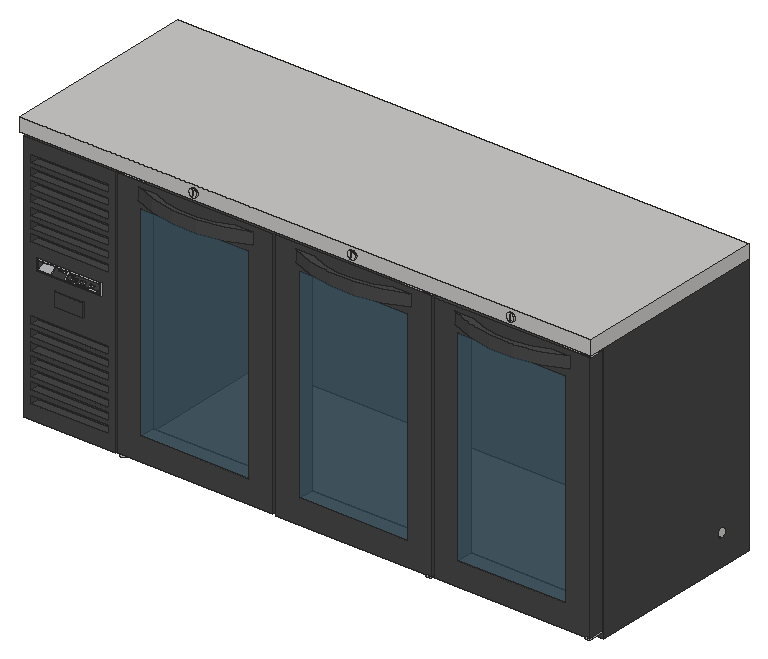
Revit family "QF_TRUE_TBR72-RISZ1-L-B-GGG-1", category Specialty Equipment, Revit 2016
Family settings
  Part Type = Normal
  Round Connector Dimension = Use Diameter
  Work Plane-Based = No
  Always vertical = Yes
  Cut with Voids When Loaded = No
  Shared = No
  Room Calculation Point = No
Parameters (values of type "QF_TRUE_TBR72-RISZ1-L-B-GGG-1")
  Weight in Pounds = 0
  Watts = if(Phase = 3, Volts * FL Amps * 1.73, Volts * FL Amps)  # 207 W
  Waste Water Discharge Temperature = -459.67 °F
  Volts = 115 V
  URL Cutsheet = ""
  Specification by User = ""
  Specification by Manufacturer = ""
  Show Logo [instance] = yes
  Show Standard Unit [instance] = yes
  Show Leg Levelers [instance] = no
  Show Seismic Flange [instance] = no
  Show 6 Inches Legs [instance] = no
  Show Clearance [instance] = yes
  Show 1 Inch Rollers [instance] = no
  Show 5 Inches Castors [instance] = no
  Show 4 Inches Castors [instance] = no
  Show 3 Inches Castors [instance] = no
  Show 2 Inches Castors [instance] = no
  Serial Number = ""
  Seismic Rating = ""
  SMACNA No = ""
  Revision Code = ""
  Plumbing Remarks = ""
  Plumbing Connection Type = ""
  Phase = 1
  Number of Poles = 1
  NAFEM Spec ID Number = ""
  Model = "TBR72-RISZ1-L-B-GGG-1"
  Min Ckt Ampacity = 0 A
  Max Overcurrent Protection = 0 A
  Masterspec = ""
  Manufacturer = "TRUE"
  Length = 72"
  Item Number = ""
  Installed By = ""
  Indirect Waste Size = 1"
  Indirect Waste Flow = 0 GPM
  Indirect Waste Connection Type = ""
  Indirect Waste Connection Height = 0"
  Identify Quantity as Lot = yes
  Height [instance] = if(Show Standard Unit, 34 11/16", if(Show Leg Levelers, 34 15/16", if(Show 1 Inch Rollers, 35 9/16", if(Show 2 Inches Castors, 37 9/16", if(Show 3 Inches Castors, 38 9/16", if(Show 4 Inches Castors, 39 3/4", if(Show 5 Inches Castors, 40 3/4", if(Show 6 Inches Legs, 40 11/16", if(Show Seismic Flange, 40 11/16", 34 11/16")))))))))  # 34 11/16"
  HP = "1/5"
  Furnished By = ""
  Foodservice Equipment Identifier = yes
  FL Amps = 1.8 A
  Electrical Remarks = ""
  Electric Connection Type = ""
  Elec Conn RI Height = 0"
  Elec Conn Connection Height = 0"
  Description = "REACH-IN SINGLE ZONE REFRIGERATOR WITH LEFT SIDE REFRIGERATION SYSTEM. BLACK EXTERIOR AND GLASS SWING DOORS"
  Depth = 26 3/8"
  Cycle = 60 Hz
  Conn Plug = "NEMA 5-15P"
  Conn Conduit = yes
  CSI MasterFormat = ""
  Apparent Power = if(Phase = 3, Volts * FL Amps * 1.73, Volts * FL Amps)  # 207 VA
Reference planes (in)
  plane 1 "BACK": y = 0
  plane 2: z = 0
  plane 3 "LEFT": x = 0
  plane 4 "RIGHT": x = 72
  plane 5 "FRONT": y = -26.375
  plane 6 "TOP": z = 34.6875
  plane 7 "Center Y": x = 36
  plane 8 "Center X": y = -13.1875
  plane 9: y = -24.84375
  plane 10: y = -24.65625
  plane 11: y = -47.59375
  plane 12: z = 0
Dimensions and locks (in)
  equal spacing: plane 3 "LEFT", plane 7 "Center Y", plane 4 "RIGHT"
  "Length": plane 3 "LEFT" to plane 4 "RIGHT"
  equal spacing: plane 5 "FRONT", plane 8 "Center X", plane 1 "BACK"
  "Depth": plane 5 "FRONT" to plane 1 "BACK"
  "Height": plane 6 "TOP" to level
  plane 3 "LEFT" to plane 4 "RIGHT" = 72"
  plane 5 "FRONT" to plane 1 "BACK" = 26 3/8"
  plane 9 to plane 1 "BACK" = 24 27/32"
  plane 10 to plane 1 "BACK" = 24 21/32"
  plane 11 to plane 1 "BACK" = 47 19/32"
  locked: plane 6 "TOP" to plane 12 at 34.6875
  aligned and locked: level to plane 2
  aligned and locked: plane 6 "TOP" to nested 1
Nested families (in)
  nested 1: "TBR72-RISZ1-L-B-GGG-1" at (0, 0, 0), Show Clearance <- "Show Clearance", Show Logo <- "Show Logo", type "TBR72-RISZ1-L-B-GGG-1"
  nested 2: "CASTORS & LEGS" at (4, -4, 0), Show 2 Inches Castors <- "Show 2 Inches Castors", Show 3 Inches Castors <- "Show 3 Inches Castors", Show 4 Inches Castors <- "Show 4 Inches Castors", Show 5 Inches Castors <- "Show 5 Inches Castors", Show Legs <- "Show 6 Inches Legs", Show Legs with Flandge <- "Show Seismic Flange", Show 1 Inch Rollers <- "Show 1 Inch Rollers", Show Leg Levelers <- "Show Leg Levelers", type "CASTORS & LEGS"
    with Type Mark "", Status "", Specification by User "", Show Legs with Flandge no, Show Legs no, Show Leg Levelers no, Show 5 Inches Castors no, Show 4 Inches Castors no, Show 3 Inches Castors no, Show 2 Inches Castors no, Show 1 Inch Rollers no, Revision Code "", Item Number "", Installed By "", Identify Quantity as Lot yes, Furnished By "", Foodservice Equipment Identifier yes
  nested 3: "CASTORS & LEGS" at (68, -4, 0), Show 2 Inches Castors <- "Show 2 Inches Castors", Show 3 Inches Castors <- "Show 3 Inches Castors", Show 4 Inches Castors <- "Show 4 Inches Castors", Show 5 Inches Castors <- "Show 5 Inches Castors", Show Legs <- "Show 6 Inches Legs", Show Legs with Flandge <- "Show Seismic Flange", Show 1 Inch Rollers <- "Show 1 Inch Rollers", Show Leg Levelers <- "Show Leg Levelers", type "CASTORS & LEGS"
    with Type Mark "", Status "", Specification by User "", Show Legs with Flandge no, Show Legs no, Show Leg Levelers no, Show 5 Inches Castors no, Show 4 Inches Castors no, Show 3 Inches Castors no, Show 2 Inches Castors no, Show 1 Inch Rollers no, Revision Code "", Item Number "", Installed By "", Identify Quantity as Lot yes, Furnished By "", Foodservice Equipment Identifier yes
  nested 4: "CASTORS & LEGS" at (4, -18.75, 0), Show 2 Inches Castors <- "Show 2 Inches Castors", Show 3 Inches Castors <- "Show 3 Inches Castors", Show 4 Inches Castors <- "Show 4 Inches Castors", Show 5 Inches Castors <- "Show 5 Inches Castors", Show Legs <- "Show 6 Inches Legs", Show Legs with Flandge <- "Show Seismic Flange", Show 1 Inch Rollers <- "Show 1 Inch Rollers", Show Leg Levelers <- "Show Leg Levelers", type "CASTORS & LEGS"
    with Type Mark "", Status "", Specification by User "", Show Legs with Flandge no, Show Legs no, Show Leg Levelers no, Show 5 Inches Castors no, Show 4 Inches Castors no, Show 3 Inches Castors no, Show 2 Inches Castors no, Show 1 Inch Rollers no, Revision Code "", Item Number "", Installed By "", Identify Quantity as Lot yes, Furnished By "", Foodservice Equipment Identifier yes
  nested 5: "CASTORS & LEGS" at (68, -18.75, 0), Show 2 Inches Castors <- "Show 2 Inches Castors", Show 3 Inches Castors <- "Show 3 Inches Castors", Show 4 Inches Castors <- "Show 4 Inches Castors", Show 5 Inches Castors <- "Show 5 Inches Castors", Show Legs <- "Show 6 Inches Legs", Show Legs with Flandge <- "Show Seismic Flange", Show 1 Inch Rollers <- "Show 1 Inch Rollers", Show Leg Levelers <- "Show Leg Levelers", type "CASTORS & LEGS"
    with Type Mark "", Status "", Specification by User "", Show Legs with Flandge no, Show Legs no, Show Leg Levelers no, Show 5 Inches Castors no, Show 4 Inches Castors no, Show 3 Inches Castors no, Show 2 Inches Castors no, Show 1 Inch Rollers no, Revision Code "", Item Number "", Installed By "", Identify Quantity as Lot yes, Furnished By "", Foodservice Equipment Identifier yes
  nested 6: "CASTORS & LEGS" at (36, -4, 0), Show 2 Inches Castors <- "Show 2 Inches Castors", Show 3 Inches Castors <- "Show 3 Inches Castors", Show 4 Inches Castors <- "Show 4 Inches Castors", Show 5 Inches Castors <- "Show 5 Inches Castors", Show Legs <- "Show 6 Inches Legs", Show Legs with Flandge <- "Show Seismic Flange", Show 1 Inch Rollers <- "Show 1 Inch Rollers", Show Leg Levelers <- "Show Leg Levelers", type "CASTORS & LEGS"
    with Type Mark "", Status "", Specification by User "", Show Legs with Flandge no, Show Legs no, Show Leg Levelers no, Show 5 Inches Castors no, Show 4 Inches Castors no, Show 3 Inches Castors no, Show 2 Inches Castors no, Show 1 Inch Rollers no, Revision Code "", Item Number "", Installed By "", Identify Quantity as Lot yes, Furnished By "", Foodservice Equipment Identifier yes
  nested 7: "CASTORS & LEGS" at (36, -18.75, 0), Show 2 Inches Castors <- "Show 2 Inches Castors", Show 3 Inches Castors <- "Show 3 Inches Castors", Show 4 Inches Castors <- "Show 4 Inches Castors", Show 5 Inches Castors <- "Show 5 Inches Castors", Show Legs <- "Show 6 Inches Legs", Show Legs with Flandge <- "Show Seismic Flange", Show 1 Inch Rollers <- "Show 1 Inch Rollers", Show Leg Levelers <- "Show Leg Levelers", type "CASTORS & LEGS"
    with Type Mark "", Status "", Specification by User "", Show Legs with Flandge no, Show Legs no, Show Leg Levelers no, Show 5 Inches Castors no, Show 4 Inches Castors no, Show 3 Inches Castors no, Show 2 Inches Castors no, Show 1 Inch Rollers no, Revision Code "", Item Number "", Installed By "", Identify Quantity as Lot yes, Furnished By "", Foodservice Equipment Identifier yes
Connectors (in)
  electrical at (6, 0.25, 18), driven by "Volts", driven by "Watts"
    settings: on nested 1, index 1, voltage 115 V, apparent load 207 VA, apparent load phase1 0 VA, apparent load phase2 0 VA, apparent load phase3 0 VA, power factor 1, load classification "Other", number of poles 1, system type 30, power factor state 1, is connector primary yes, connector utility no, sub classification motor no, connector description "ELECTRICAL CONNECTION"
  piping at (16.75, -4.96875, -0.125), diameter 2.25
    settings: on nested 1, index 2, connector inside diameter 24", connector length 0", flow factor 0, pipe flow 0 GPM, pressure drop 0.00 psi, fitting loss kfactor 0, connector angle 0.00°, fixture units 0, engagement length 0", angle of deflection 0.00°, flow configuration 1, flow direction 2, fitting loss method 0, system type 16, joint type 0, gender type 0, connector reference index -1, connector utility 0, adjustable connector no, is connector primary yes, connector description "FLOOR ACCESS"
  piping at (64.75, -4.34375, -0.125), diameter 1, driven by "Indirect Waste Flow", driven by "Indirect Waste Size"
    settings: on nested 1, index 3, connector inside diameter 24", connector length 0", flow factor 0, pipe flow 0 GPM, pressure drop 0.00 psi, fitting loss kfactor 0, connector angle 0.00°, fixture units 0, engagement length 0", angle of deflection 0.00°, flow configuration 1, flow direction 2, fitting loss method 0, system type 16, joint type 0, gender type 0, connector reference index -1, connector utility 0, adjustable connector no, is connector primary no, connector description "DRAIN"
  piping at (72.125, -4.3125, 3.96875), diameter 1
    settings: on nested 1, index 4, connector inside diameter 24", connector length 0", flow factor 0, pipe flow 0 GPM, pressure drop 0.00 psi, fitting loss kfactor 0, connector angle 0.00°, fixture units 0, engagement length 0", angle of deflection 0.00°, flow configuration 1, flow direction 1, fitting loss method 0, system type 22, joint type 0, gender type 0, connector reference index -1, connector utility 0, adjustable connector no, is connector primary no, connector description "CONDENSING UNIT"
Definition of nested family "TBR72-RISZ1-L-B-GGG-1"
  Parameters (values of type "TBR72-RISZ1-L-B-GGG-1")
    Weight in Pounds = 0
    URL Cutsheet = ""
    Specification by User = ""
    Specification by Manufacturer = ""
    Show Logo [instance] = yes
    Show Clearance [instance] = yes
    Serial Number = ""
    Seismic Rating = ""
    SMACNA No = ""
    Revision Code = ""
    NAFEM Spec ID Number = ""
    Model = ""
    Masterspec = ""
    Manufacturer = ""
    Length = 72"
    Item Number = ""
    Installed By = ""
    Identify Quantity as Lot = yes
    Height = 34 11/16"
    Furnished By = ""
    Foodservice Equipment Identifier = yes
    Description = ""
    Depth = 26 3/8"
    CSI MasterFormat = ""
  Reference planes (in)
    plane 1 "BACK": y = 0
    plane 2: z = 0
    plane 3 "LEFT": x = 0
    plane 4 "RIGHT": x = 72
    plane 5 "FRONT": y = -26.375
    plane 6 "TOP": z = 34.6875
    plane 7 "Center Y": x = 36
    plane 8 "Center X": y = -13.1875
    plane 9: y = -24.84375
    plane 10: y = -24.65625
    plane 11: x = 71.75
    plane 12: y = -43.59375
  Forms (in)
    Extrusion 1, solid
      sketch origin (0, 0, 0) x (-1, 0, 0) y (0, 0, 1)
        loop
          line (-12.09375, 32.46875) -> (-71.75, 32.46875) -> (-71.75, 0.78125) -> (-12.09375, 0.78125) -> (-12.09375, 32.46875)
      from 0 to -2
    Extrusion 2, solid
      sketch origin (0, -22.75, 0) x (1, 0, 0) y (0, 0, 1)
        loop
          line (0.25, 0.78125) -> (11.84375, 0.78125) -> (11.84375, 32.46875) -> (0.25, 32.46875) -> (0.25, 0.78125)
        loop
          line (1.125, 30.81709) -> (1.125, 29.81709) -> (10.96875, 29.81709) -> (10.96875, 30.81709) -> (1.125, 30.81709)
        loop
          line (1.125, 29.31709) -> (1.125, 28.31709) -> (10.96875, 28.31709) -> (10.96875, 29.31709) -> (1.125, 29.31709)
        loop
          line (1.125, 27.81709) -> (1.125, 26.81709) -> (10.96875, 26.81709) -> (10.96875, 27.81709) -> (1.125, 27.81709)
        loop
          line (1.125, 26.31709) -> (1.125, 25.31709) -> (10.96875, 25.31709) -> (10.96875, 26.31709) -> (1.125, 26.31709)
        loop
          line (1.125, 24.81709) -> (1.125, 23.81709) -> (10.96875, 23.81709) -> (10.96875, 24.81709) -> (1.125, 24.81709)
        loop
          line (1.125, 21.81709) -> (1.125, 20.81709) -> (10.96875, 20.81709) -> (10.96875, 21.81709) -> (1.125, 21.81709)
        loop
          line (1.125, 23.31709) -> (1.125, 22.31709) -> (10.96875, 22.31709) -> (10.96875, 23.31709) -> (1.125, 23.31709)
        loop
          line (1.125, 12.56709) -> (1.125, 11.56709) -> (10.96875, 11.56709) -> (10.96875, 12.56709) -> (1.125, 12.56709)
        loop
          line (1.125, 11.06709) -> (1.125, 10.06709) -> (10.96875, 10.06709) -> (10.96875, 11.06709) -> (1.125, 11.06709)
        loop
          line (1.125, 9.56709) -> (1.125, 8.56709) -> (10.96875, 8.56709) -> (10.96875, 9.56709) -> (1.125, 9.56709)
        loop
          line (1.125, 8.06709) -> (1.125, 7.06709) -> (10.96875, 7.06709) -> (10.96875, 8.06709) -> (1.125, 8.06709)
        loop
          line (1.125, 6.56709) -> (1.125, 5.56709) -> (10.96875, 5.56709) -> (10.96875, 6.56709) -> (1.125, 6.56709)
        loop
          line (1.125, 3.56709) -> (1.125, 2.56709) -> (10.96875, 2.56709) -> (10.96875, 3.56709) -> (1.125, 3.56709)
        loop
          line (1.125, 5.06709) -> (1.125, 4.06709) -> (10.96875, 4.06709) -> (10.96875, 5.06709) -> (1.125, 5.06709)
      from 0.125 to 1.90625
    Extrusion 3, solid
      sketch origin (0, -22.75, 0) x (1, 0, 0) y (0, 0, 1)
        loop
          line (12.09375, 0.78125) -> (31.71875, 0.78125) -> (31.71875, 32.46875) -> (12.09375, 32.46875) -> (12.09375, 0.78125)
        loop
          line (51.73438, 0.78125) -> (51.73438, 32.46875) -> (32.10938, 32.46875) -> (32.10938, 0.78125) -> (51.73438, 0.78125)
        loop
          line (28.71875, 29.46875) -> (15.09375, 29.46875) -> (15.09375, 3.78125) -> (28.71875, 3.78125) -> (28.71875, 29.46875)
        loop
          line (48.73438, 29.46875) -> (35.10938, 29.46875) -> (35.10938, 3.78125) -> (48.73438, 3.78125) -> (48.73438, 29.46875)
        loop
          line (71.75, 0.78125) -> (71.75, 32.46875) -> (52.125, 32.46875) -> (52.125, 0.78125) -> (71.75, 0.78125)
        loop
          line (68.75, 29.46875) -> (55.125, 29.46875) -> (55.125, 3.78125) -> (68.75, 3.78125) -> (68.75, 29.46875)
      from 0 to 1.90625
    Extrusion 4, solid
      sketch origin (0, -22.75, 0) x (1, 0, 0) y (0, 0, 1)
        loop
          line (35.10938, 29.46875) -> (35.10938, 3.78125) -> (48.73438, 3.78125) -> (48.73438, 29.46875) -> (35.10938, 29.46875)
        loop
          line (15.09375, 29.46875) -> (15.09375, 3.78125) -> (28.71875, 3.78125) -> (28.71875, 29.46875) -> (15.09375, 29.46875)
        loop
          line (55.125, 29.46875) -> (55.125, 3.78125) -> (68.75, 3.78125) -> (68.75, 29.46875) -> (55.125, 29.46875)
      from 0 to 1.90625
    Extrusion 5, solid
      sketch origin (32.8125, -22.75, 32.46875) x (-1, 0, 0) y (0, -1, 0)
        loop
          arc (18.16831, 1.90625) -> (10.90625, 3.65113) -> (3.64419, 1.90625) r 15.9845
          line (3.64419, 1.90625) -> (5.9146, 1.90625)
          arc (5.9146, 1.90625) -> (10.90625, 3.15287) -> (15.8979, 1.90625) r 10.61701
          line (15.8979, 1.90625) -> (18.16831, 1.90625)
        loop
          arc (-1.84732, 1.90625) -> (-9.10938, 3.65113) -> (-16.37143, 1.90625) r 15.9845
          line (-16.37143, 1.90625) -> (-14.10103, 1.90625)
          arc (-14.10103, 1.90625) -> (-9.10938, 3.15287) -> (-4.11772, 1.90625) r 10.61701
          line (-4.11772, 1.90625) -> (-1.84732, 1.90625)
        loop
          arc (-21.86294, 1.90625) -> (-29.125, 3.65113) -> (-36.38706, 1.90625) r 15.9845
          line (-36.38706, 1.90625) -> (-34.11665, 1.90625)
          arc (-34.11665, 1.90625) -> (-29.125, 3.15287) -> (-24.13335, 1.90625) r 10.61701
          line (-24.13335, 1.90625) -> (-21.86294, 1.90625)
      from -2.11784 to -0.60631
    Extrusion 6, solid
      sketch origin (0.04324, -24.65625, 0) x (1, 0, 0) y (0, 0, 1)
        loop
          line (4.20676, 16.37472) -> (4.20676, 14.62472) -> (7.80051, 14.62472) -> (7.80051, 16.37472) -> (4.20676, 16.37472)
      from 0 to 0.125
    Extrusion 7, solid
      sketch origin (0, -24.84375, 34.4375) x (0, 0, 1) y (-1, 0, 0)
        loop
          circle (-0.65572, -21.90625) r 0.5
        loop
          line (-0.32569, -21.84362) -> (-0.96744, -21.84362) -> (-0.96744, -21.98332) -> (-0.32569, -21.98332) -> (-0.32569, -21.84362)
        loop
          circle (-0.65572, -41.92188) r 0.5
        loop
          line (-0.32569, -41.85924) -> (-0.96744, -41.85924) -> (-0.96744, -41.99895) -> (-0.32569, -41.99895) -> (-0.32569, -41.85924)
        loop
          circle (-0.65572, -61.9375) r 0.5
        loop
          line (-0.32569, -61.87487) -> (-0.96744, -61.87487) -> (-0.96744, -62.01457) -> (-0.32569, -62.01457) -> (-0.32569, -61.87487)
      from 0 to 0.125
    Extrusion 8, solid
      sketch origin (0, -22.75, 0) x (1, 0, 0) y (0, 0, 1)
        loop
          line (1.28286, 30.81709) -> (1.28286, 29.81709) -> (11.12661, 29.81709) -> (11.12661, 30.81709) -> (1.28286, 30.81709)
        loop
          line (1.28286, 29.31709) -> (1.28286, 28.31709) -> (11.12661, 28.31709) -> (11.12661, 29.31709) -> (1.28286, 29.31709)
        loop
          line (1.28286, 27.81709) -> (1.28286, 26.81709) -> (11.12661, 26.81709) -> (11.12661, 27.81709) -> (1.28286, 27.81709)
        loop
          line (1.28286, 26.31709) -> (1.28286, 25.31709) -> (11.12661, 25.31709) -> (11.12661, 26.31709) -> (1.28286, 26.31709)
        loop
          line (1.28286, 24.81709) -> (1.28286, 23.81709) -> (11.12661, 23.81709) -> (11.12661, 24.81709) -> (1.28286, 24.81709)
        loop
          line (1.28286, 21.81709) -> (1.28286, 20.81709) -> (11.12661, 20.81709) -> (11.12661, 21.81709) -> (1.28286, 21.81709)
        loop
          line (1.28286, 23.31709) -> (1.28286, 22.31709) -> (11.12661, 22.31709) -> (11.12661, 23.31709) -> (1.28286, 23.31709)
        loop
          line (1.28286, 12.56709) -> (1.28286, 11.56709) -> (11.12661, 11.56709) -> (11.12661, 12.56709) -> (1.28286, 12.56709)
        loop
          line (1.28286, 11.06709) -> (1.28286, 10.06709) -> (11.12661, 10.06709) -> (11.12661, 11.06709) -> (1.28286, 11.06709)
        loop
          line (1.28286, 9.56709) -> (1.28286, 8.56709) -> (11.12661, 8.56709) -> (11.12661, 9.56709) -> (1.28286, 9.56709)
        loop
          line (1.28286, 8.06709) -> (1.28286, 7.06709) -> (11.12661, 7.06709) -> (11.12661, 8.06709) -> (1.28286, 8.06709)
        loop
          line (1.28286, 6.56709) -> (1.28286, 5.56709) -> (11.12661, 5.56709) -> (11.12661, 6.56709) -> (1.28286, 6.56709)
        loop
          line (1.28286, 3.56709) -> (1.28286, 2.56709) -> (11.12661, 2.56709) -> (11.12661, 3.56709) -> (1.28286, 3.56709)
        loop
          line (1.28286, 5.06709) -> (1.28286, 4.06709) -> (11.12661, 4.06709) -> (11.12661, 5.06709) -> (1.28286, 5.06709)
      from 0.125 to 0.7394
    Extrusion 9, solid
      sketch origin (45.22341, -22.77627, 32.7789) x (1, 0, 0) y (0, 1, 0)
        loop
          line (26.54069, -1.96875) -> (26.50632, 0) -> (25.58853, 0) -> (25.55416, -1.96875) -> (26.54069, -1.96875)
        loop
          circle (26.09249, -1.43752) r 0.25
      from 0 to 0.1586
    Extrusion 10, solid
      sketch origin (71.97626, -22.16889, 0.78125) x (0, 1, 0) y (1, 0, 0)
        loop
          line (-0.60739, -1.14466) -> (-0.60739, -0.22626) -> (-2.06523, -0.25589)
          arc (-2.06523, -0.25589) -> (-2.48736, -0.68546) -> (-2.06523, -1.11503) r 0.42963
          line (-2.06523, -1.11503) -> (-0.60739, -1.14466)
        loop
          circle (-2.05773, -0.68546) r 0.25
      from 0 to 0.22057
    Extrusion 11, solid
      sketch origin (71.97626, -22.16889, 0.78125) x (0, 1, 0) y (1, 0, 0)
        loop
          circle (-2.05773, -0.68546) r 0.25
      from 0 to 0.29961
    Extrusion 12, solid
      sketch origin (45.22341, -22.16889, 32.46875) x (1, 0, 0) y (0, 1, 0)
        loop
          line (26.52659, -1.27764) -> (23.06149, -1.27764) -> (23.06149, -2.32875) -> (26.52659, -2.32875) -> (26.52659, -1.27764)
        loop
          circle (26.09113, -1.82353) r 0.25
        loop
          circle (24.44087, -1.81192) r 0.25
        loop
          circle (23.44087, -1.81192) r 0.25
      from 0 to 0.22057
    Extrusion 13, solid
      sketch origin (45.22341, -22.16889, 32.46875) x (1, 0, 0) y (0, 1, 0)
        loop
          circle (24.44087, -1.81192) r 0.25
        loop
          circle (23.44087, -1.81192) r 0.25
      from 0 to 0.31015
    Extrusion 14, solid
      sketch origin (71.97626, -22.16889, 0.78125) x (0, 1, 0) y (1, 0, 0)
        loop
          line (-0.60739, -1.14466) -> (-0.60739, -0.22626) -> (-2.06523, -0.25589)
          arc (-2.06523, -0.25589) -> (-2.48736, -0.68546) -> (-2.06523, -1.11503) r 0.42963
          line (-2.06523, -1.11503) -> (-0.60739, -1.14466)
        loop
          circle (-2.05773, -0.68546) r 0.25
      from 0 to 0.22057
    Extrusion 15, solid
      sketch origin (71.97626, -22.16889, 0.78125) x (0, 1, 0) y (1, 0, 0)
        loop
          circle (-2.05773, -0.68546) r 0.25
      from 0 to 0.29961
    Extrusion 16, solid
      sketch origin (45.22341, -22.16889, 32.9664) x (1, 0, 0) y (0, 1, 0)
        loop
          circle (26.09249, -1.82353) r 0.25
      from -0.0289 to -0.27708
    Extrusion 17, solid
      sketch origin (38.62034, -22.77627, 32.7789) x (-1, 0, 0) y (0, -1, 0)
        loop
          line (26.54069, 1.96875) -> (25.55416, 1.96875) -> (25.58853, 0) -> (26.50632, 0) -> (26.54069, 1.96875)
        loop
          circle (26.09249, 1.43752) r 0.25
      from 0 to 0.1586
    Extrusion 18, solid
      sketch origin (11.86749, -22.16889, 0.78125) x (0, -1, 0) y (-1, 0, 0)
        loop
          line (0.60739, -1.14466) -> (2.06523, -1.11503)
          arc (2.06523, -1.11503) -> (2.48736, -0.68546) -> (2.06523, -0.25589) r 0.42963
          line (2.06523, -0.25589) -> (0.60739, -0.22626) -> (0.60739, -1.14466)
        loop
          circle (2.05773, -0.68546) r 0.25
      from 0 to 0.22057
    Extrusion 19, solid
      sketch origin (11.86749, -22.16889, 0.78125) x (0, -1, 0) y (-1, 0, 0)
        loop
          circle (2.05773, -0.68546) r 0.25
      from 0 to 0.29961
    Extrusion 20, solid
      sketch origin (38.62034, -22.16889, 32.46875) x (-1, 0, 0) y (0, -1, 0)
        loop
          line (26.52659, 1.27764) -> (26.52659, 2.32875) -> (23.06149, 2.32875) -> (23.06149, 1.27764) -> (26.52659, 1.27764)
        loop
          circle (26.09113, 1.82353) r 0.25
        loop
          circle (24.44087, 1.81192) r 0.25
        loop
          circle (23.44087, 1.81192) r 0.25
      from 0 to 0.22057
    Extrusion 21, solid
      sketch origin (38.62034, -22.16889, 32.46875) x (-1, 0, 0) y (0, -1, 0)
        loop
          circle (24.44087, 1.81192) r 0.25
        loop
          circle (23.44087, 1.81192) r 0.25
      from 0 to 0.31015
    Extrusion 22, solid
      sketch origin (11.86749, -22.16889, 0.78125) x (0, -1, 0) y (-1, 0, 0)
        loop
          line (0.60739, -1.14466) -> (2.06523, -1.11503)
          arc (2.06523, -1.11503) -> (2.48736, -0.68546) -> (2.06523, -0.25589) r 0.42963
          line (2.06523, -0.25589) -> (0.60739, -0.22626) -> (0.60739, -1.14466)
        loop
          circle (2.05773, -0.68546) r 0.25
      from 0 to 0.22057
    Extrusion 23, solid
      sketch origin (11.86749, -22.16889, 0.78125) x (0, -1, 0) y (-1, 0, 0)
        loop
          circle (2.05773, -0.68546) r 0.25
      from 0 to 0.29961
    Extrusion 24, solid
      sketch origin (38.62034, -22.16889, 32.9664) x (-1, 0, 0) y (0, -1, 0)
        loop
          circle (26.09249, 1.82353) r 0.25
      from -0.0289 to -0.27708
    Extrusion 25, solid, visible <- "Show Clearance", detail levels coarse
      sketch origin (12, 0, 32.46875) x (0, -1, 0) y (-1, 0, 0)
        loop
          line (24.65625, -0.09375) -> (24.65625, -19.71875)
          arc (24.65625, -19.71875) -> (38.07768, -13.72046) -> (43.59375, -0.09375) r 19.67217
          line (43.59375, -0.09375) -> (24.65625, -0.09375)
        loop
          line (24.65625, -39.73438) -> (43.59375, -39.73437)
          arc (43.59375, -39.73437) -> (38.07768, -26.10767) -> (24.65625, -20.10938) r 19.67217
          line (24.65625, -20.10938) -> (24.65625, -39.73438)
        loop
          line (24.65625, -59.75) -> (43.59375, -59.75)
          arc (43.59375, -59.75) -> (38.07768, -46.12329) -> (24.65625, -40.125) r 19.67217
          line (24.65625, -40.125) -> (24.65625, -59.75)
      from 0 to 31.6875
    Extrusion 26, solid
      sketch origin (0, 0, 0) x (-1, 0, 0) y (0, 0, 1)
        loop
          line (0, 0) -> (0, 19.4375) -> (-10.96875, 19.4375) -> (-10.96875, 0) -> (0, 0)
      from 0 to 0.125
    Extrusion 27, solid
      sketch origin (0, 0, 0) x (-1, 0, 0) y (0, 0, 1)
        loop
          circle (-6, 18) r 0.5
        loop
          circle (-6, 21.75) r 0.5
      from 0 to 0.25
    Extrusion 28, solid
      sketch origin (48, 0, 0) x (0, 1, 0) y (1, 0, 0)
        loop
          circle (-4.96875, -31.25) r 1.125
        loop
          circle (-4.34375, 16.75) r 0.5
      from 0 to 0.125
    Extrusion 29, solid
      sketch origin (72, 0, 32.9375) x (0, 0, -1) y (0, 1, 0)
        loop
          circle (28.96875, -4.3125) r 0.5
      from 0 to 0.125
    Extrusion 30, solid
      sketch origin (0, 0, 0) x (0, 1, 0) y (0, 0, 1)
        loop
          line (-24.84375, 34.6875) -> (-24.84375, 32.9375) -> (0, 32.9375) -> (0, 34.6875) -> (-24.84375, 34.6875)
      from 0 to 72
    Extrusion 31, solid
      sketch origin (0, 0, 0) x (1, 0, 0) y (0, 0, 1)
        loop
          line (0, 32.9375) -> (0, 0) -> (72, 0) -> (72, 32.9375) -> (0, 32.9375)
        loop
          line (12.09375, 32.46875) -> (12.09375, 0.78125) -> (71.75, 0.78125) -> (71.75, 32.46875) -> (12.09375, 32.46875)
      from 0 to 22.75
    Extrusion 32, solid
      sketch origin (25.20778, -22.77627, 32.7789) x (1, 0, 0) y (0, 1, 0)
        loop
          line (26.54069, -1.96875) -> (26.50632, 0) -> (25.58853, 0) -> (25.55416, -1.96875) -> (26.54069, -1.96875)
        loop
          circle (26.09249, -1.43752) r 0.25
      from 0 to 0.1586
    Extrusion 33, solid
      sketch origin (51.96064, -22.16889, 0.78125) x (0, 1, 0) y (1, 0, 0)
        loop
          line (-0.60739, -1.14466) -> (-0.60739, -0.22626) -> (-2.06523, -0.25589)
          arc (-2.06523, -0.25589) -> (-2.48736, -0.68546) -> (-2.06523, -1.11503) r 0.42963
          line (-2.06523, -1.11503) -> (-0.60739, -1.14466)
        loop
          circle (-2.05773, -0.68546) r 0.25
      from 0 to 0.22057
    Extrusion 34, solid
      sketch origin (51.96064, -22.16889, 0.78125) x (0, 1, 0) y (1, 0, 0)
        loop
          circle (-2.05773, -0.68546) r 0.25
      from 0 to 0.29961
    Extrusion 35, solid
      sketch origin (25.20778, -22.16889, 32.46875) x (1, 0, 0) y (0, 1, 0)
        loop
          line (26.52659, -1.27764) -> (23.06149, -1.27764) -> (23.06149, -2.32875) -> (26.52659, -2.32875) -> (26.52659, -1.27764)
        loop
          circle (26.09113, -1.82353) r 0.25
        loop
          circle (24.44087, -1.81192) r 0.25
        loop
          circle (23.44087, -1.81192) r 0.25
      from 0 to 0.22057
    Extrusion 36, solid
      sketch origin (25.20778, -22.16889, 32.46875) x (1, 0, 0) y (0, 1, 0)
        loop
          circle (24.44087, -1.81192) r 0.25
        loop
          circle (23.44087, -1.81192) r 0.25
      from 0 to 0.31015
    Extrusion 37, solid
      sketch origin (51.96064, -22.16889, 0.78125) x (0, 1, 0) y (1, 0, 0)
        loop
          line (-0.60739, -1.14466) -> (-0.60739, -0.22626) -> (-2.06523, -0.25589)
          arc (-2.06523, -0.25589) -> (-2.48736, -0.68546) -> (-2.06523, -1.11503) r 0.42963
          line (-2.06523, -1.11503) -> (-0.60739, -1.14466)
        loop
          circle (-2.05773, -0.68546) r 0.25
      from 0 to 0.22057
    Extrusion 38, solid
      sketch origin (51.96064, -22.16889, 0.78125) x (0, 1, 0) y (1, 0, 0)
        loop
          circle (-2.05773, -0.68546) r 0.25
      from 0 to 0.29961
    Extrusion 39, solid
      sketch origin (25.20778, -22.16889, 32.9664) x (1, 0, 0) y (0, 1, 0)
        loop
          circle (26.09249, -1.82353) r 0.25
      from -0.0289 to -0.27708
  Cuts and joins
    joined: Extrusion 1, Extrusion 31
  Lines and regions (in)
    symbolic lines
      curve 1: line (72, 0, 0) -> (0, 0, 0)
      curve 2: line (72, -24.84375, 0) -> (72, 0, 0)
      curve 3: line (0, -24.84375, 0) -> (72, -24.84375, 0)
      curve 4: line (0, 0, 0) -> (0, -24.84375, 0)
      curve 5: arc (15.02421, -24.84375, 0) -> (21.90625, -26.40113, 0) -> (28.78829, -24.84375, 0) r 15.9845
      curve 6: arc (26.52876, -24.84375, 0) -> (21.90625, -25.90287, 0) -> (17.28374, -24.84375, 0) r 10.61701
      curve 7: arc (35.03984, -24.84375, 0) -> (41.92188, -26.40113, 0) -> (48.80391, -24.84375, 0) r 15.9845
      curve 8: arc (46.54438, -24.84375, 0) -> (41.92188, -25.90287, 0) -> (37.29937, -24.84375, 0) r 10.61701
      curve 9: arc (55.05546, -24.84375, 0) -> (61.9375, -26.40113, 0) -> (68.81954, -24.84375, 0) r 15.9845
      curve 10: arc (66.56001, -24.84375, 0) -> (61.9375, -25.90287, 0) -> (57.31499, -24.84375, 0) r 10.61701
      curve 11: line (12.07793, -24.84375, 0) -> (28.68827, -34.43374, 0)
      curve 12: arc (31.71085, -24.84375, 0) -> (30.82262, -29.83512, 0) -> (28.68827, -34.43374, 0) r 19.67217
      curve 13: line (51.7502, -24.84375, 0) -> (35.13985, -34.43374, 0)
      curve 14: arc (32.11728, -24.84375, 0) -> (33.0055, -29.83512, 0) -> (35.13985, -34.43374, 0) r 19.67217
      curve 15: line (71.76582, -24.84375, 0) -> (55.15548, -34.43374, 0)
      curve 16: arc (52.1329, -24.84375, 0) -> (53.02113, -29.83512, 0) -> (55.15548, -34.43374, 0) r 19.67217
  Dimensions and locks (in)
    equal spacing: plane 3 "LEFT", plane 7 "Center Y", plane 4 "RIGHT"
    "Length": plane 3 "LEFT" to plane 4 "RIGHT"
    equal spacing: plane 5 "FRONT", plane 8 "Center X", plane 1 "BACK"
    "Depth": plane 5 "FRONT" to plane 1 "BACK"
    "Height": plane 6 "TOP" to level
    plane 3 "LEFT" to plane 4 "RIGHT" = 72"
    plane 5 "FRONT" to plane 1 "BACK" = 26 3/8"
    plane 9 to plane 1 "BACK" = 24 27/32"
    plane 10 to plane 1 "BACK" = 24 21/32"
    plane 11 to plane 4 "RIGHT" = 1/4"
    Extrusion 4 to Extrusion 4 = 25 11/16"
    plane 1 "BACK" to plane 12 = 43 19/32"
    plane 3 "LEFT" to Extrusion 28 sketch curve = 16 3/4"
    Extrusion 28 sketch curve to plane 1 "BACK" = 4 31/32"
    Extrusion 28 sketch curve to plane 1 "BACK" = 4 11/32"
    Extrusion 28 sketch curve to plane 4 "RIGHT" = 7 3/4"
    aligned and locked: level to plane 2
  Automatic sketch dimensions
    plane 1 "BACK" to curve 1 = 0"
    curve 1 to plane 3 "LEFT" = 0"
    curve 11 to plane 9 = 0"
    curve 2 to plane 4 "RIGHT" = 0"
    curve 12 to plane 10 = 0.73465"
    plane 3 "LEFT" to curve 12 = 12.0603"
    curve 6 to plane 8 "Center X" = 2.09836"
    curve 12 to curve 6 = 9.84595"
    curve 5 to curve 6 = 0"
    curve 11 to plane 7 "Center Y" = 7.31173"
    curve 13 to plane 7 "Center Y" = 0.86015"
    curve 8 to plane 8 "Center X" = 2.09836"
    plane 7 "Center Y" to curve 8 = 5 59/64"
    curve 7 to curve 8 = 0"
    curve 14 to plane 10 = 0.73465"
    curve 8 to curve 14 = 9.84595"
    plane 5 "FRONT" to curve 15 = 8.05874"
    curve 14 to curve 15 = 3.38765"
    plane 8 "Center X" to curve 9 = 2.77087"
    curve 9 to plane 11 = 9 13/16"
    curve 10 to plane 8 "Center X" = 2.09836"
    curve 10 to curve 9 = 0"
    plane 11 to curve 16 = 0.03345"
    plane 5 "FRONT" to curve 11 = 8.05874"
    curve 12 to curve 13 = 0"
    curve 16 to plane 10 = 0.73465"
    plane 8 "Center X" to curve 5 = 2.77087"
    plane 8 "Center X" to curve 7 = 2.77087"
    curve 12 to curve 11 = 0.01763"
    curve 11 to curve 5 = 2.94628"
    curve 5 to curve 6 = 2.25953"
    curve 7 to plane 7 "Center Y" = 0.96016"
    plane 7 "Center Y" to curve 8 = 1.29937"
    curve 13 to curve 16 = 0.38271"
    curve 16 to curve 9 = 2.92256"
    curve 9 to curve 10 = 2.25953"
    plane 11 to curve 15 = 0.01582"
    plane 11 to Extrusion 1 sketch curve = 0"
    level to Extrusion 1 sketch curve = 25/32"
    plane 3 "LEFT" to Extrusion 1 sketch curve = 12 3/32"
    Extrusion 1 sketch curve to plane 6 "TOP" = 2 7/32"
    plane 3 "LEFT" to Extrusion 2 sketch curve = 1/4"
    plane 3 "LEFT" to Extrusion 2 sketch curve = 1 1/8"  (x4)
    Extrusion 2 sketch curve to Extrusion 2 sketch curve = 0"  (x23)
    Extrusion 2 sketch curve to Extrusion 2 sketch curve = 9 27/32"
    Extrusion 2 sketch curve to Extrusion 2 sketch curve = 7/8"
    level to Extrusion 2 sketch curve = 25/32"
    Extrusion 2 sketch curve to Extrusion 2 sketch curve = 1.78584"
    Extrusion 2 sketch curve to Extrusion 2 sketch curve = 1"  (x14)
    Extrusion 2 sketch curve to Extrusion 2 sketch curve = 1/2"  (x12)
    Extrusion 2 sketch curve to Extrusion 2 sketch curve = 8 1/4"
    Extrusion 2 sketch curve to Extrusion 2 sketch curve = 1.65166"
    Extrusion 3 sketch curve to plane 11 = 0"
    Extrusion 3 sketch curve to plane 11 = 3"
    Extrusion 3 sketch curve to plane 6 "TOP" = 5 7/32"  (x3)
    Extrusion 3 sketch curve to Extrusion 3 sketch curve = 13 5/8"  (x2)
    Extrusion 3 sketch curve to Extrusion 3 sketch curve = 3"  (x4)
    Extrusion 3 sketch curve to Extrusion 3 sketch curve = 25/64"  (x2)
    Extrusion 3 sketch curve to plane 7 "Center Y" = 57/64"
    Extrusion 3 sketch curve to plane 7 "Center Y" = 3 57/64"
    level to Extrusion 3 sketch curve = 3 25/32"  (x3)
    level to Extrusion 3 sketch curve = 25/32"  (x2)
    Extrusion 3 sketch curve to Extrusion 3 sketch curve = 0"  (x2)
    Extrusion 3 sketch curve to plane 6 "TOP" = 2 7/32"  (x2)
    level to Extrusion 4 sketch curve = 3 25/32"  (x3)
    plane 3 "LEFT" to Extrusion 4 sketch curve = 15 3/32"
    Extrusion 4 sketch curve to plane 7 "Center Y" = 7 9/32"
    Extrusion 4 sketch curve to plane 7 "Center Y" = 57/64"
    Extrusion 4 sketch curve to plane 6 "TOP" = 5 7/32"  (x3)
    plane 7 "Center Y" to Extrusion 4 sketch curve = 12 47/64"
    Extrusion 4 sketch curve to Extrusion 4 sketch curve = 6 25/64"
    Extrusion 4 sketch curve to plane 11 = 3"
    Extrusion 3 to Extrusion 5 sketch curve = 0"  (x4)
    Extrusion 5 sketch curve to Extrusion 3 = 0"  (x2)
    Extrusion 5 sketch curve to Extrusion 3 = 37.48081"
    Extrusion 5 sketch curve to Extrusion 5 sketch curve = 2.2704"  (x3)
    Extrusion 5 sketch curve to Extrusion 5 sketch curve = 4.99165"
    Extrusion 5 sketch curve to Extrusion 5 sketch curve = 0"  (x3)
    Extrusion 5 sketch curve to Extrusion 5 sketch curve = 5.49151"
    Extrusion 5 sketch curve to Extrusion 3 = 10 13/64"
    Extrusion 3 to Extrusion 5 sketch curve = 2.55044"
    Extrusion 3 to Extrusion 5 sketch curve = 9 13/16"
    Extrusion 5 sketch curve to Extrusion 3 = 7.46414"  (x3)
    Extrusion 5 sketch curve to Extrusion 5 sketch curve = 4.86923"  (x3)
    Extrusion 2 to Extrusion 6 sketch curve = 3 1/8"  (x2)
    Extrusion 6 sketch curve to Extrusion 2 = 2.05764"
    Extrusion 6 sketch curve to Extrusion 6 sketch curve = 1 3/4"
    Extrusion 7 sketch curve to plane 6 "TOP" = 1.21744"  (x3)
    Extrusion 7 sketch curve to Extrusion 7 sketch curve = 0.31172"  (x3)
    Extrusion 7 sketch curve to Extrusion 7 sketch curve = 0.33003"  (x3)
    Extrusion 7 sketch curve to plane 11 = 9.73543"
    Extrusion 7 sketch curve to Extrusion 7 sketch curve = 0.07707"  (x3)
    Extrusion 7 sketch curve to Extrusion 7 sketch curve = 0.1397"  (x3)
    plane 7 "Center Y" to Extrusion 7 sketch curve = 5.99895"
    Extrusion 7 sketch curve to plane 7 "Center Y" = 14.01668"
    plane 3 "LEFT" to Extrusion 8 sketch curve = 1.28286"  (x4)
    Extrusion 8 sketch curve to Extrusion 8 sketch curve = 0"  (x23)
    Extrusion 8 sketch curve to Extrusion 8 sketch curve = 9 27/32"
    level to Extrusion 8 sketch curve = 2.56709"
    Extrusion 8 sketch curve to Extrusion 8 sketch curve = 1"  (x14)
    Extrusion 8 sketch curve to Extrusion 8 sketch curve = 1/2"  (x12)
    Extrusion 8 sketch curve to Extrusion 8 sketch curve = 8 1/4"
    plane 10 to Extrusion 9 sketch curve = 0.08877"
    Extrusion 9 sketch curve to plane 11 = 0.97243"
    Extrusion 9 sketch curve to plane 11 = 0.93806"
    Extrusion 9 sketch curve to plane 11 = 0.4341"
    Extrusion 9 sketch curve to plane 11 = 0.02027"
    plane 11 to Extrusion 9 sketch curve = 0.0141"
    Extrusion 9 sketch curve to plane 10 = 0.44246"
    Extrusion 9 sketch curve to Extrusion 9 sketch curve = 1 7/16"
    Extrusion 10 sketch curve to Extrusion 10 sketch curve = 0"  (x2)
    Extrusion 10 sketch curve to plane 11 = 0"
    Extrusion 10 sketch curve to plane 10 = 0.42214"  (x2)
    Extrusion 10 sketch curve to plane 11 = 0.02963"
    Extrusion 10 sketch curve to Extrusion 10 sketch curve = 0.0075"
    Extrusion 10 sketch curve to plane 11 = 0.91839"
    Extrusion 10 sketch curve to Extrusion 10 sketch curve = 1.45784"
    Extrusion 10 sketch curve to Extrusion 10 sketch curve = 0.42957"
    Extrusion 11 sketch curve to plane 10 = 0.42963"
    Extrusion 11 sketch curve to plane 11 = 0.4592"
    Extrusion 12 sketch curve to plane 11 = 0"
    Extrusion 12 sketch curve to plane 11 = 0.43546"
    Extrusion 12 sketch curve to plane 10 = 0.67545"
    Extrusion 12 sketch curve to Extrusion 12 sketch curve = 1.65026"
    Extrusion 12 sketch curve to Extrusion 12 sketch curve = 1"
    Extrusion 12 sketch curve to Extrusion 12 sketch curve = 0.37938"
    Extrusion 12 sketch curve to plane 10 = 0.66383"
    Extrusion 12 sketch curve to plane 10 = 0.15862"
    Extrusion 12 sketch curve to Extrusion 12 sketch curve = 0.51683"
    Extrusion 12 sketch curve to Extrusion 12 sketch curve = 0.53428"
    Extrusion 13 sketch curve to plane 10 = 0.67545"  (x2)
    Extrusion 13 sketch curve to plane 11 = 3.08572"
    Extrusion 13 sketch curve to Extrusion 13 sketch curve = 1"
    Extrusion 14 sketch curve to Extrusion 14 sketch curve = 0"  (x2)
    Extrusion 14 sketch curve to plane 11 = 0"
    Extrusion 14 sketch curve to plane 10 = 0.42214"  (x2)
    Extrusion 14 sketch curve to plane 11 = 0.02963"
    Extrusion 14 sketch curve to Extrusion 14 sketch curve = 0.0075"
    Extrusion 14 sketch curve to plane 11 = 0.91839"
    Extrusion 14 sketch curve to Extrusion 14 sketch curve = 1.45784"
    Extrusion 14 sketch curve to Extrusion 14 sketch curve = 0.42957"
    Extrusion 15 sketch curve to plane 10 = 0.42963"
    Extrusion 15 sketch curve to plane 11 = 0.4592"
    Extrusion 16 sketch curve to Extrusion 16 sketch curve = 0"  (x2)
    Extrusion 16 sketch curve to plane 11 = 0.4341"
    Extrusion 16 sketch curve to plane 10 = 0.66383"
    Extrusion 16 sketch curve to Extrusion 16 sketch curve = 1/4"
    plane 10 to Extrusion 17 sketch curve = 0.08877"
    plane 3 "LEFT" to Extrusion 17 sketch curve = 13.06618"
    Extrusion 17 sketch curve to plane 10 = 1.87998"
    Extrusion 17 sketch curve to Extrusion 17 sketch curve = 0.03436"
    Extrusion 17 sketch curve to Extrusion 17 sketch curve = 0.53832"
    Extrusion 17 sketch curve to Extrusion 17 sketch curve = 0.91779"
    Extrusion 17 sketch curve to Extrusion 17 sketch curve = 0.4482"
    Extrusion 17 sketch curve to plane 10 = 0.44246"
    Extrusion 18 sketch curve to Extrusion 18 sketch curve = 0"  (x2)
    Extrusion 18 sketch curve to plane 10 = 1.87998"
    Extrusion 18 sketch curve to plane 10 = 0.42963"
    Extrusion 18 sketch curve to plane 10 = 0.42214"  (x2)
    plane 3 "LEFT" to Extrusion 18 sketch curve = 12 3/32"
    Extrusion 18 sketch curve to Extrusion 18 sketch curve = 0.02963"
    Extrusion 18 sketch curve to Extrusion 18 sketch curve = 0.42957"
    Extrusion 18 sketch curve to Extrusion 18 sketch curve = 0.91839"
    Extrusion 19 sketch curve to plane 10 = 0.42963"
    plane 3 "LEFT" to Extrusion 19 sketch curve = 12.55295"
    Extrusion 20 sketch curve to plane 10 = 0.15862"
    plane 3 "LEFT" to Extrusion 20 sketch curve = 15.55885"
    Extrusion 20 sketch curve to Extrusion 20 sketch curve = 0.37938"
    Extrusion 20 sketch curve to Extrusion 20 sketch curve = 1"
    Extrusion 20 sketch curve to plane 10 = 0.66383"
    Extrusion 20 sketch curve to Extrusion 20 sketch curve = 1.65026"
    Extrusion 20 sketch curve to Extrusion 20 sketch curve = 0.43546"
    Extrusion 20 sketch curve to Extrusion 20 sketch curve = 0.51683"
    Extrusion 20 sketch curve to plane 10 = 0.67545"
    Extrusion 20 sketch curve to Extrusion 20 sketch curve = 0.5459"
    Extrusion 21 sketch curve to plane 10 = 0.67545"  (x2)
    plane 3 "LEFT" to Extrusion 21 sketch curve = 15.17947"
    Extrusion 21 sketch curve to Extrusion 21 sketch curve = 1"
    Extrusion 22 sketch curve to Extrusion 22 sketch curve = 0"  (x2)
    Extrusion 22 sketch curve to plane 10 = 1.87998"
    Extrusion 22 sketch curve to plane 10 = 0.42963"
    Extrusion 22 sketch curve to plane 10 = 0.42214"  (x2)
    plane 3 "LEFT" to Extrusion 22 sketch curve = 12 3/32"
    Extrusion 22 sketch curve to Extrusion 22 sketch curve = 0.02963"
    Extrusion 22 sketch curve to Extrusion 22 sketch curve = 0.42957"
    Extrusion 22 sketch curve to Extrusion 22 sketch curve = 0.91839"
    Extrusion 23 sketch curve to plane 10 = 0.42963"
    plane 3 "LEFT" to Extrusion 23 sketch curve = 12.55295"
    Extrusion 24 sketch curve to Extrusion 24 sketch curve = 0"  (x2)
    Extrusion 24 sketch curve to plane 10 = 0.66383"
    plane 3 "LEFT" to Extrusion 24 sketch curve = 12.52785"
    Extrusion 24 sketch curve to Extrusion 24 sketch curve = 1/4"
    plane 10 to Extrusion 25 sketch curve = 0"  (x3)
    Extrusion 25 sketch curve to plane 12 = 0"  (x3)
    Extrusion 25 sketch curve to plane 11 = 0"
    Extrusion 25 sketch curve to plane 10 = 0.73465"  (x3)
    plane 11 to Extrusion 25 sketch curve = 0.03345"
    Extrusion 25 sketch curve to Extrusion 25 sketch curve = 0.35717"
    Extrusion 25 sketch curve to Extrusion 25 sketch curve = 25/64"  (x2)
    plane 3 "LEFT" to Extrusion 25 sketch curve = 12 3/32"
    Extrusion 26 sketch curve to level = 0"
    Extrusion 26 sketch curve to plane 3 "LEFT" = 0"
    plane 3 "LEFT" to Extrusion 26 sketch curve = 10 31/32"
    Extrusion 26 sketch curve to plane 6 "TOP" = 15 1/4"
    plane 3 "LEFT" to Extrusion 27 sketch curve = 6"
    Extrusion 27 sketch curve to Extrusion 27 sketch curve = 0"
    Extrusion 27 sketch curve to plane 6 "TOP" = 16 11/16"
    Extrusion 27 sketch curve to Extrusion 27 sketch curve = 3 3/4"
    Extrusion 28 sketch curve to plane 11 = 7"
    Extrusion 31 to Extrusion 29 sketch curve = 3 31/32"
    Extrusion 31 to Extrusion 29 sketch curve = 4 5/16"
    Extrusion 30 sketch curve to plane 9 = 0"
    Extrusion 30 sketch curve to plane 1 "BACK" = 0"
    Extrusion 30 sketch curve to plane 6 "TOP" = 0"
    Extrusion 30 sketch curve to plane 6 "TOP" = 1 3/4"
    Extrusion 31 sketch curve to level = 0"
    Extrusion 31 sketch curve to plane 3 "LEFT" = 0"
    Extrusion 31 sketch curve to plane 11 = 0"
    plane 4 "RIGHT" to Extrusion 31 sketch curve = 0"
    level to Extrusion 31 sketch curve = 25/32"
    plane 3 "LEFT" to Extrusion 31 sketch curve = 12 3/32"
    Extrusion 31 sketch curve to plane 6 "TOP" = 2 7/32"
    Extrusion 31 sketch curve to plane 6 "TOP" = 1 3/4"
    plane 10 to Extrusion 32 sketch curve = 0.08877"
    plane 7 "Center Y" to Extrusion 32 sketch curve = 14.76195"
    Extrusion 32 sketch curve to plane 10 = 1.87998"
    Extrusion 32 sketch curve to Extrusion 32 sketch curve = 0.03436"
    Extrusion 32 sketch curve to Extrusion 32 sketch curve = 0.53832"
    Extrusion 32 sketch curve to Extrusion 32 sketch curve = 0.91779"
    Extrusion 32 sketch curve to Extrusion 32 sketch curve = 0.4482"
    Extrusion 32 sketch curve to plane 10 = 0.44246"
    Extrusion 33 sketch curve to Extrusion 33 sketch curve = 0"  (x2)
    Extrusion 33 sketch curve to plane 10 = 0.42214"  (x2)
    Extrusion 33 sketch curve to Extrusion 33 sketch curve = 0.0075"
    Extrusion 33 sketch curve to Extrusion 33 sketch curve = 1.45784"
    plane 7 "Center Y" to Extrusion 33 sketch curve = 15 47/64"
    Extrusion 33 sketch curve to Extrusion 33 sketch curve = 0.02963"
    Extrusion 33 sketch curve to Extrusion 33 sketch curve = 0.42957"
    Extrusion 33 sketch curve to Extrusion 33 sketch curve = 0.91839"
    Extrusion 34 sketch curve to plane 10 = 0.42963"
    plane 7 "Center Y" to Extrusion 34 sketch curve = 15.27518"
    Extrusion 35 sketch curve to plane 10 = 0.15862"
    plane 7 "Center Y" to Extrusion 35 sketch curve = 12.26928"
    Extrusion 35 sketch curve to Extrusion 35 sketch curve = 0.37938"
    Extrusion 35 sketch curve to Extrusion 35 sketch curve = 1"
    Extrusion 35 sketch curve to plane 10 = 0.66383"
    Extrusion 35 sketch curve to Extrusion 35 sketch curve = 1.65026"
    Extrusion 35 sketch curve to Extrusion 35 sketch curve = 0.43546"
    Extrusion 35 sketch curve to plane 10 = 0.67545"
    Extrusion 35 sketch curve to Extrusion 35 sketch curve = 0.51683"
    Extrusion 35 sketch curve to Extrusion 35 sketch curve = 0.53428"
    Extrusion 36 sketch curve to plane 10 = 0.67545"  (x2)
    plane 7 "Center Y" to Extrusion 36 sketch curve = 12.64866"
    Extrusion 36 sketch curve to Extrusion 36 sketch curve = 1"
    Extrusion 37 sketch curve to Extrusion 37 sketch curve = 0"  (x2)
    Extrusion 37 sketch curve to plane 10 = 0.42214"  (x2)
    Extrusion 37 sketch curve to Extrusion 37 sketch curve = 0.0075"
    Extrusion 37 sketch curve to Extrusion 37 sketch curve = 1.45784"
    plane 7 "Center Y" to Extrusion 37 sketch curve = 15 47/64"
    Extrusion 37 sketch curve to Extrusion 37 sketch curve = 0.02963"
    Extrusion 37 sketch curve to Extrusion 37 sketch curve = 0.42957"
    Extrusion 37 sketch curve to Extrusion 37 sketch curve = 0.91839"
    Extrusion 38 sketch curve to plane 10 = 0.42963"
    plane 7 "Center Y" to Extrusion 38 sketch curve = 15.27518"
    Extrusion 39 sketch curve to Extrusion 39 sketch curve = 0"  (x2)
    Extrusion 39 sketch curve to plane 10 = 0.66383"
    plane 7 "Center Y" to Extrusion 39 sketch curve = 15.30027"
    Extrusion 39 sketch curve to Extrusion 39 sketch curve = 1/4"
    radius of Extrusion 7 sketch curve = 1/2"  (x3)
    radius of Extrusion 9 sketch curve = 1/4"
    radius of Extrusion 10 sketch curve = 1/4"
    radius of Extrusion 11 sketch curve = 1/4"
    radius of Extrusion 12 sketch curve = 1/4"  (x3)
    radius of Extrusion 13 sketch curve = 1/4"  (x2)
    radius of Extrusion 14 sketch curve = 1/4"
    radius of Extrusion 15 sketch curve = 1/4"
    radius of Extrusion 17 sketch curve = 1/4"
    radius of Extrusion 18 sketch curve = 1/4"
    radius of Extrusion 19 sketch curve = 1/4"
    radius of Extrusion 20 sketch curve = 1/4"  (x3)
    radius of Extrusion 21 sketch curve = 1/4"  (x2)
    radius of Extrusion 22 sketch curve = 1/4"
    radius of Extrusion 23 sketch curve = 1/4"
    radius of Extrusion 27 sketch curve = 1/2"  (x2)
    radius of Extrusion 28 sketch curve = 1 1/8"
    radius of Extrusion 29 sketch curve = 1/2"
    radius of Extrusion 32 sketch curve = 1/4"
    radius of Extrusion 33 sketch curve = 1/4"
    radius of Extrusion 34 sketch curve = 1/4"
    radius of Extrusion 35 sketch curve = 1/4"  (x3)
    radius of Extrusion 36 sketch curve = 1/4"  (x2)
    radius of Extrusion 37 sketch curve = 1/4"
    radius of Extrusion 38 sketch curve = 1/4"
  Nested families (in)
    nested 1: "QF_LOGO_TRUE" at (1.99687, -24.65625, 17.85445), Show Logo <- "Show Logo", type "QF_LOGO_TRUE", detail levels medium+fine
      with Show Logo yes
  Definition of nested family "QF_LOGO_TRUE"
    Parameters (values of type "QF_LOGO_TRUE")
      Show Logo [instance] = yes
    Reference planes (in)
      plane 1 "Center (Front/Back)": y = 0
      plane 2: z = 0
      plane 3 "Center (Left/Right)": x = 0
    Forms (in)
      Extrusion 1, solid, visible <- "Show Logo", detail levels medium+fine
        sketch origin (-78.34647, 34.76905, -30.51001) x (1, 0, 0) y (0, 0, 1)
          loop
            line (81.15226, 31.65456) -> (81.07353, 31.48573) -> (82.12083, 31.48573)
            arc (82.12083, 31.48573) -> (82.14208, 31.44814) -> (82.12083, 31.41055) r 0.04386
            line (82.12083, 31.41055) -> (81.84767, 30.82478)
            arc (81.84767, 30.82478) -> (81.84531, 30.77052) -> (81.882, 30.73048) r 0.07096
            line (81.882, 30.73048) -> (82.55165, 30.73048)
            arc (82.55165, 30.73048) -> (82.63621, 30.75714) -> (82.69019, 30.82748) r 0.14742
            line (82.69019, 30.82748) -> (82.90515, 31.28847) -> (83.10265, 31.28847)
            arc (83.10265, 31.28847) -> (83.15447, 31.26942) -> (83.14697, 31.21472) r 0.04405
            line (83.14697, 31.21472) -> (82.9671, 30.82899)
            arc (82.9671, 30.82899) -> (82.9699, 30.76493) -> (83.02398, 30.73048) r 0.06943
            line (83.02398, 30.73048) -> (83.6124, 30.73048)
            arc (83.6124, 30.73048) -> (83.65748, 30.74689) -> (83.68147, 30.78844) r 0.07014
            arc (83.68147, 30.78844) -> (83.69845, 30.74745) -> (83.73943, 30.73048) r 0.05796
            line (83.73943, 30.73048) -> (84.112, 30.73048)
            arc (84.112, 30.73048) -> (84.15504, 30.74201) -> (84.18655, 30.77352) r 0.08608
            arc (84.18655, 30.77352) -> (84.20164, 30.7371) -> (84.23806, 30.72202) r 0.0515
            line (84.23806, 30.72202) -> (84.76757, 30.72202)
            arc (84.76757, 30.72202) -> (84.81086, 30.73995) -> (84.8288, 30.78324) r 0.06122
            arc (84.8288, 30.78324) -> (84.86848, 30.74355) -> (84.92269, 30.72903) r 0.10842
            line (84.92269, 30.72903) -> (85.91461, 30.72903) -> (86.02479, 30.91987) -> (85.0243, 30.91987)
            arc (85.0243, 30.91987) -> (84.99669, 30.93902) -> (84.99566, 30.97261) r 0.03732
            line (84.99566, 30.97261) -> (85.01297, 31.00972)
            arc (85.01297, 31.00972) -> (85.03954, 31.04453) -> (85.0813, 31.05774) r 0.07263
            line (85.0813, 31.05774) -> (85.40289, 31.05774)
            arc (85.40289, 31.05774) -> (85.4723, 31.07633) -> (85.52311, 31.12715) r 0.13882
            line (85.52311, 31.12715) -> (85.61625, 31.28847)
            arc (85.61625, 31.28847) -> (85.61625, 31.37458) -> (85.54168, 31.41763) r 0.08611
            line (85.54168, 31.41763) -> (85.20227, 31.41763)
            arc (85.20227, 31.41763) -> (85.11574, 31.40294) -> (85.05538, 31.33923) r 0.13863
            line (85.05538, 31.33923) -> (84.89409, 30.99333)
            arc (84.89409, 30.99333) -> (84.84649, 30.9313) -> (84.77191, 30.90778) r 0.13002
            line (84.77191, 30.90778) -> (84.41984, 30.90778)
            arc (84.41984, 30.90778) -> (84.3777, 30.95378) -> (84.38042, 31.0161) r 0.08151
            line (84.38042, 31.0161) -> (84.56766, 31.41763) -> (84.44849, 31.41763) -> (84.25012, 30.99222)
            arc (84.25012, 30.99222) -> (84.21158, 30.94199) -> (84.15119, 30.92296) r 0.10527
            line (84.15119, 30.92296) -> (83.90842, 30.92296)
            arc (83.90842, 30.92296) -> (83.8674, 30.97642) -> (83.87619, 31.04323) r 0.08805
            line (83.87619, 31.04323) -> (84.05078, 31.41763) -> (83.92772, 31.41763) -> (83.72676, 30.98668)
            arc (83.72676, 30.98668) -> (83.68011, 30.94003) -> (83.61639, 30.92296) r 0.12745
            line (83.61639, 30.92296) -> (83.26484, 30.92296)
            arc (83.26484, 30.92296) -> (83.2017, 30.9524) -> (83.19563, 31.0218) r 0.06967
            line (83.19563, 31.0218) -> (83.31118, 31.26961) -> (83.47452, 31.26961)
            arc (83.47452, 31.26961) -> (83.50209, 31.35268) -> (83.56075, 31.41763) r 0.21289
            line (83.56075, 31.41763) -> (82.92244, 31.41763)
            arc (82.92244, 31.41763) -> (82.85151, 31.40191) -> (82.80242, 31.34834) r 0.12081
            line (82.80242, 31.34834) -> (82.6294, 30.9773)
            arc (82.6294, 30.9773) -> (82.58962, 30.93752) -> (82.53528, 30.92296) r 0.10869
            line (82.53528, 30.92296) -> (82.1542, 30.92296)
            arc (82.1542, 30.92296) -> (82.12446, 30.96315) -> (82.13012, 31.01283) r 0.06822
            line (82.13012, 31.01283) -> (82.38156, 31.48573) -> (83.01596, 31.48573) -> (83.09469, 31.65456) -> (82.46029, 31.65456) -> (82.53902, 31.8234) -> (82.31334, 31.8234) -> (82.23461, 31.65456) -> (81.15226, 31.65456)
          loop
            arc (85.15937, 31.26434) -> (85.13191, 31.25698) -> (85.1118, 31.23688) r 0.05494
            line (85.1118, 31.23688) -> (85.09547, 31.18665)
            arc (85.09547, 31.18665) -> (85.10304, 31.16837) -> (85.12133, 31.16079) r 0.02586
            line (85.12133, 31.16079) -> (85.39889, 31.16079)
            arc (85.39889, 31.16079) -> (85.41888, 31.16523) -> (85.43513, 31.1777) r 0.04731
            line (85.43513, 31.1777) -> (85.44863, 31.2402)
            arc (85.44863, 31.2402) -> (85.44466, 31.25693) -> (85.42914, 31.26434) r 0.01994
            line (85.42914, 31.26434) -> (85.15937, 31.26434)
          loop
            line (78.62961, 30.74125) -> (80.12032, 30.74125) -> (80.73891, 31.81268) -> (79.2482, 31.81268) -> (78.62961, 30.74125)
        from 34.76797 to 34.83173
      Extrusion 2, solid, visible <- "Show Logo", detail levels medium+fine
        sketch origin (-142.84857, 34.75108, -33.3546) x (1, 0, 0) y (0, 0, 1)
          loop
            line (150.81107, 34.71978) -> (142.98607, 34.71978) -> (142.98607, 33.4921) -> (150.81107, 33.4921) -> (150.81107, 34.71978)
        from 34.75108 to 34.78125
      Extrusion 3, solid, visible <- "Show Logo", detail levels medium+fine
        sketch origin (-142.84857, 34.75108, -33.3546) x (1, 0, 0) y (0, 0, 1)
          loop
            line (150.94857, 34.85727) -> (142.84857, 34.85727) -> (142.84857, 33.3546) -> (150.94857, 33.3546) -> (150.94857, 34.85727)
          loop
            line (142.98607, 34.71978) -> (142.98607, 33.4921) -> (150.81107, 33.4921) -> (150.81107, 34.71978) -> (142.98607, 34.71978)
        from 34.75108 to 34.81376
    Dimensions and locks (in)
      aligned and locked: level to plane 2
      aligned and locked: Extrusion 2 to Extrusion 3  (x2)
      aligned and locked: Extrusion 2 sketch curve to Extrusion 3
Definition of nested family "CASTORS & LEGS"
  Parameters (values of type "CASTORS & LEGS")
    Weight = ""
    URL Manufacturer = ""
    URL Cutsheet = ""
    URL = ""
    Type Mark [instance] = ""
    Status [instance] = ""
    Specification by User [instance] = ""
    Specification by Manufacturer = ""
    Show Legs with Flandge [instance] = yes
    Show Legs [instance] = yes
    Show Leg Levelers [instance] = yes
    Show 1 Inch Rollers [instance] = yes
    Show 5 Inches Castors [instance] = yes
    Show 4 Inches Castors [instance] = yes
    Show 3 Inches Castors [instance] = yes
    Show 2 Inches Castors [instance] = yes
    Serial Number = ""
    Seismic Rating = ""
    SMACNA No = ""
    Revision Code [instance] = ""
    Omniclass Number and Title = ""
    NAFEM Spec ID Number = ""
    Model = ""
    MasterSpec. = ""
    Manufacturer = ""
    Item Number [instance] = ""
    Installed By [instance] = ""
    Identify Quantity as Lot [instance] = yes
    Furnished By [instance] = ""
    Foodservice Equipment Identifier [instance] = yes
    Description = ""
    CSI MasterFormat = ""
    CSI Master Format = ""
    Assembly Code = ""
  Reference planes (in)
    plane 1: z = 0
    plane 2 "RIGHT": x = 0
    plane 3 "FRONT": y = 0
    plane 4 "TOP": z = 4
    plane 5: z = 5.75
    plane 6: z = 6
    plane 7: z = 0.875
  Forms (in)
    Revolve 1, solid, visible <- "Show Legs"
      sketch origin (11.12172, 0, 0) x (-1, 0, 0) y (0, 0, -1)
        loop
          line (11.12172, -6) -> (11.12172, 0) -> (10.62172, 0) -> (10.62172, -0.5) -> (10.37172, -0.5) -> (10.37172, -6) -> (11.12172, -6)
        axis (11.12172, 0) -> (11.12172, -6)
      angle from 0 to 360
    Revolve 2, solid, visible <- "Show Legs with Flandge"
      sketch origin (11.12172, 0, 0) x (-1, 0, 0) y (0, 0, -1)
        loop
          line (11.12172, -6) -> (11.12172, 0) -> (9.87172, 0) -> (9.87172, -0.25) -> (10.62172, -0.25) -> (10.62172, -0.5) -> (10.37172, -0.5) -> (10.37172, -6) -> (11.12172, -6)
        axis (11.12172, 0) -> (11.12172, -6)
      angle from 0 to 360
    Extrusion 3, solid, visible <- "Show Leg Levelers"
      sketch origin (0, 0, 0) x (1, 0, 0) y (0, 1, 0)
        loop
          circle (0, 0) r 0.75
      from 0 to 0.25
  Dimensions and locks (in)
    plane 4 "TOP" to level = 4"  (x2)
    locked: Revolve 1 sketch curve to Revolve 1 sketch curve at 0.5
    locked: Revolve 1 sketch curve to Revolve 1 sketch curve at 0.75
    locked: Revolve 2 sketch curve to Revolve 2 sketch curve at 0.75
    plane 5 to level = 5 3/4"
    plane 6 to plane 1 = 6"
    nested 1 to plane 1 = 3 1/8"
    nested 3 to level = 5"
